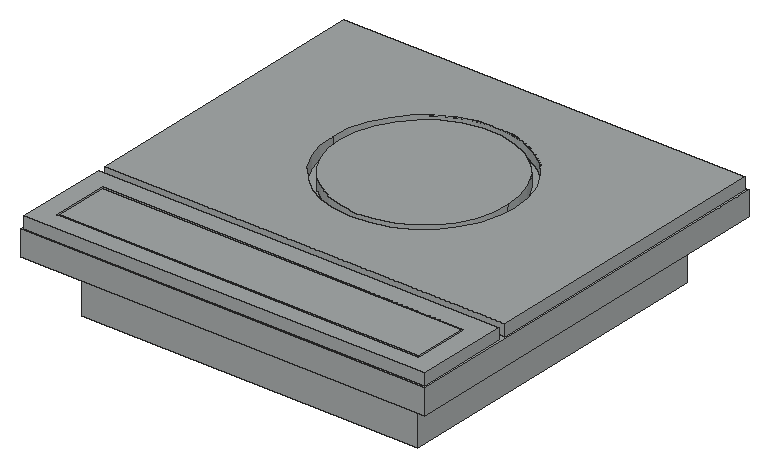
Revit family "Gira_5563920", category Electrical Fixtures, host Face, Revit 2017
Family settings
  Host = Face
  Maintain Annotation Orientation = Yes
  Round Connector Dimension = Use Diameter
  Part Type = Normal
  Cut with Voids When Loaded = No
  Shared = No
  Room Calculation Point = No
Parameters (values of type "Sprachmodul System 106 Edelstahl")
  URL = "http://katalog.gira.de/de_DE/datenblatt.html?artikelnr=5563920"
  Region = "DE"
  Name = "Sprachmodul System 106 Edelstahl"
  Model = "Sys106_Abdeckung_Schalten und Tasten"
  Manufacturer URL = "https://www.gira.de/"
  Installationstechnik = "Bus-System"
  Höhe = "0,1065 m"
  HeinzeBIM = "https://bimportal.heinze.de/bim/sprachmodul-system-106-edelstahl/44a50bc540629c318c06819cd919634f1b4bd1e3"
  HAN = "5563920"
  GTIN = "4010337022428"
  Edelstahl [instance] = Edelstahl
  Default Elevation = 1219.2 mm
  Data sheet (1) = "https://katalog.gira.de/de_DE/download.html?artikelnr=5563920"
  Category = "Funktionsmodul für Türkommunikation"
  Breite = "0,1065 m"
  Available = "Yes"
  Anzahl der Klingeltasten = "0 "
Reference planes
  plane 1 "Center (Front/Back)": y = 0
  plane 2 "Reference Level 0": z = 0
  plane 3 "Center (Left/Right)": x = 0
  plane 4 "Reference Level 1": z = 9.5
Forms (mm)
  Extrusion 1, solid, material "Edelstahl" <- "Edelstahl", detail levels coarse
    sketch origin (0, 0, 0) x (1, 0, 0) y (0, 1, 0)
      loop
        line (-53, 53) -> (-53, -53) -> (53, -53) -> (53, 53) -> (-53, 53)
    from -14.7 to 9.5
  Extrusion 2, solid, material "Edelstahl" <- "Edelstahl", detail levels fine
    sketch origin (0, 0, 0) x (1, 0, 0) y (0, 1, 0)
      loop
        line (52.5, -28) -> (-52.5, -28) -> (-52.5, -52.5) -> (52.5, -52.5) -> (52.5, -28)
      loop
        line (-47.5, -48) -> (47.5, -48) -> (47.5, -33) -> (-47.5, -33) -> (-47.5, -48)
    from 6.5 to 9.5
  Extrusion 3, solid, material "Edelstahl" <- "Edelstahl", detail levels fine
    sketch origin (0, 0, 0) x (1, 0, 0) y (0, 1, 0)
      loop
        line (-52.5, 52.5) -> (-52.5, -26) -> (52.5, -26) -> (52.5, 52.5) -> (-52.5, 52.5)
      loop
        circle (0, 13) r 24
    from 6.5 to 9.5
  Extrusion 4, solid, material "Edelstahl" <- "Edelstahl", detail levels medium+fine
    sketch origin (0, 0, 0) x (1, 0, 0) y (0, 1, 0)
      loop
        line (-53, 53) -> (-53, -53) -> (53, -53) -> (53, 53) -> (-53, 53)
    from 0 to 6.5
  Extrusion 5, solid, material "Edelstahl" <- "Edelstahl", detail levels fine
    sketch origin (0, 0, 0) x (1, 0, 0) y (0, 1, 0)
      loop
        line (-44, 44) -> (-44, -44) -> (44, -44) -> (44, 44) -> (-44, 44)
    from -14.7 to 0
  Extrusion 6, solid, material "Edelstahl" <- "Edelstahl", detail levels fine
    sketch origin (0, 0, 0) x (1, 0, 0) y (0, 1, 0)
      loop
        circle (0, 13) r 22
    from 6.5 to 9.5
  Extrusion 7, solid, material "Edelstahl" <- "Edelstahl", detail levels fine
    sketch origin (0, 0, 0) x (1, 0, 0) y (0, 1, 0)
      loop
        line (-47, -33.5) -> (-47, -47.5) -> (47, -47.5) -> (47, -33.5) -> (-47, -33.5)
    from 6.5 to 9.5
  Extrusion 8, solid, material "Edelstahl" <- "Edelstahl", detail levels medium
    sketch origin (0, 0, 0) x (1, 0, 0) y (0, 1, 0)
      loop
        line (-52.5, 52.5) -> (-52.5, -26) -> (52.5, -26) -> (52.5, 52.5) -> (-52.5, 52.5)
      loop
        line (-52.5, -28) -> (-52.5, -52.5) -> (52.5, -52.5) -> (52.5, -28) -> (-52.5, -28)
    from 6.5 to 9.5
  Extrusion 9, solid, material "Edelstahl" <- "Edelstahl", detail levels medium
    sketch origin (0, 0, 0) x (1, 0, 0) y (0, 1, 0)
      loop
        circle (0, 13) r 24
      loop
        line (-47.5, -33) -> (-47.5, -48) -> (47.5, -48) -> (47.5, -33) -> (-47.5, -33)
    from 6.5 to 9.5
Dimensions and locks
  aligned and locked: plane 2 "Reference Level 0" to host face
  aligned and locked: level to host face
  aligned and locked: Extrusion 4 to host face
  aligned and locked: Extrusion 4 to level
  aligned and locked: level to Extrusion 5
  aligned and locked: level to Extrusion 4
  aligned and locked: Extrusion 4 to plane 2 "Reference Level 0"
  aligned and locked: plane 2 "Reference Level 0" to Extrusion 5
  aligned and locked: plane 3 "Center (Left/Right)" to nested 1
  aligned and locked: plane 1 "Center (Front/Back)" to nested 1
Nested families
  nested 1: "Schalter" at (0, 0, 0), type "Schalter"
Connectors
  electrical at (0, 0, -14.7)
    settings: on Extrusion 5, index 1, voltage 220 V, apparent load 0 VA, apparent load phase1 0 VA, apparent load phase2 0 VA, apparent load phase3 0 VA, power factor 1, load classification "Other", number of poles 1, system type 30, power factor state 1, is connector primary yes, connector utility no, sub classification motor no, connector description ""
Definition of nested family "Schalter"
  Reference planes
    plane 1: y = 0
    plane 2: x = 0
  Lines and regions (mm)
    detail lines
      curve 1: circle (1.375, 2.778, 0) r 0.8 normal (0, 0, 1)
      curve 2: line (1.021, 2.061, 0) -> (0, 0, 0)
      curve 3: line (0, 0, 0) -> (-0.538, 0.266, 0)
  Dimensions and locks
    curve 2 to curve 2 = 2.3 mm
    curve 3 to curve 2 = 0.6 mm
    radius of curve 1 = 0.8 mm
